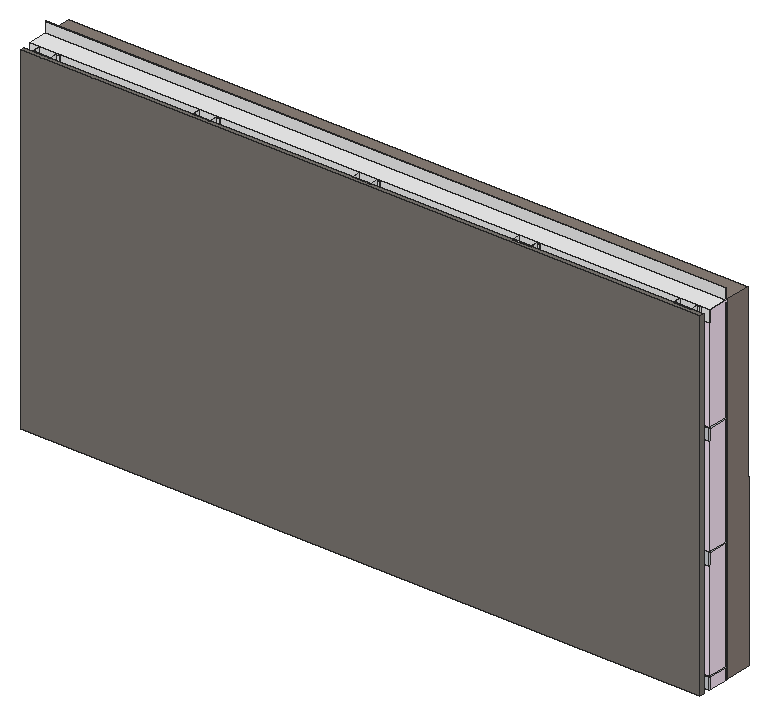
Revit family "Acrytec Panel - Natural", category Generic Models, Revit 2016
Family settings
  Part Type = Normal
  Can host rebar = No
  Round Connector Dimension = Use Diameter
  Work Plane-Based = No
  Always vertical = Yes
  Cut with Voids When Loaded = No
  Shared = No
  Room Calculation Point = No
Parameters
  panelHeight [instance] = 1220 mm
  Uninsulated Panel Type = not(Insulated Panel Type)  # no
  Insulated Panel Type = yes
  Vertical Girt Spacing [instance] = if(and(PanelWidth > 1799 mm, PanelWidth < 2301 mm), 1, (PanelWidth / 2) / 575 mm) + 1  # 3
  Taupe = no
  Snow White = no
  Smoke House = yes
  Light Grey = no
  Gauntlet Gray = no
  Dover White = no
  PanelWidth [instance] = 2440 mm
  PanelZGirt [instance] = 75 mm
  PanelThickness [instance] = PanelFinish + PanelZGirt + PanelHatSection  # 115.422 mm
  PanelHatSection [instance] = 25.383 mm
  PanelFinish [instance] = 15.04 mm
  Panel-A-CL-Offset = 382.729 mm
  City Scape = no
  Antique White = no
  Horizontal Girt Spacing [instance] = panelHeight / 400 mm  # 3
  Horizontal Girt Length [instance] = PanelWidth  # 2440 mm
Reference planes
  plane 1 "Center (Front/Back)": y = 0
  plane 2: z = 0
  plane 3 "Center (Left/Right)": x = 0
  plane 4: y = -75
  plane 5: y = -115.422
  plane 6: z = 1220
  plane 7: y = -100.383
  plane 8: x = -1220
  plane 9: x = 1220
Forms (mm)
  Extrusion 1, solid, material "2016-31-moisture Membrane", visible <- "Insulated Panel Type"
    sketch origin (0, 0, 0) x (1, 0, 0) y (0, 0, 1)
      loop
        line (-1220, 0) -> (1220, 0) -> (1220, 1220) -> (-1220, 1220) -> (-1220, 0)
    from -1 to 0
  Extrusion 2, solid, material "2016-31-Standard Brick", visible <- "Insulated Panel Type"
    sketch origin (0, 0, 0) x (1, 0, 0) y (0, 0, 1)
      loop
        line (-1220, 0) -> (1220, 0) -> (1220, 1220) -> (-1220, 1220) -> (-1220, 0)
    from -100 to -1
  Extrusion 3, solid, material "00- Natural_Antique White", visible <- "Antique White"
    sketch origin (0, 0, 0) x (1, 0, 0) y (0, 0, 1)
      loop
        line (1220, 0) -> (1220, 1220) -> (-1220, 1220) -> (-1220, 0) -> (1220, 0)
    from 100.383 to 115.422
  Extrusion 4, solid, material "00 - Natural_City Scape", visible <- "City Scape"
    sketch origin (0, 0, 0) x (1, 0, 0) y (0, 0, 1)
      loop
        line (1220, 0) -> (1220, 1220) -> (-1220, 1220) -> (-1220, 0) -> (1220, 0)
    from 100.383 to 115.422
  Extrusion 5, solid, material "00 - Natural_Dover White", visible <- "Dover White"
    sketch origin (0, 0, 0) x (1, 0, 0) y (0, 0, 1)
      loop
        line (1220, 0) -> (1220, 1220) -> (-1220, 1220) -> (-1220, 0) -> (1220, 0)
    from 100.383 to 115.422
  Extrusion 6, solid, material "00 - Natural_Gauntlet Gray", visible <- "Gauntlet Gray"
    sketch origin (0, 0, 0) x (1, 0, 0) y (0, 0, 1)
      loop
        line (1220, 0) -> (1220, 1220) -> (-1220, 1220) -> (-1220, 0) -> (1220, 0)
    from 100.383 to 115.422
  Extrusion 7, solid, material "00 - Natural_Light Grey", not visible
    sketch origin (0, 0, 0) x (1, 0, 0) y (0, 0, 1)
      loop
        line (1220, 0) -> (1220, 1220) -> (-1220, 1220) -> (-1220, 0) -> (1220, 0)
    from 100.383 to 115.422
  Extrusion 8, solid, material "00 - Natural_Smoke House", visible <- "Smoke House"
    sketch origin (0, 0, 0) x (1, 0, 0) y (0, 0, 1)
      loop
        line (1220, 0) -> (1220, 1220) -> (-1220, 1220) -> (-1220, 0) -> (1220, 0)
    from 100.383 to 115.422
  Extrusion 9, solid, material "00 - Natural_Snow White", visible <- "Snow White"
    sketch origin (0, 0, 0) x (1, 0, 0) y (0, 0, 1)
      loop
        line (1220, 0) -> (1220, 1220) -> (-1220, 1220) -> (-1220, 0) -> (1220, 0)
    from 100.383 to 115.422
  Extrusion 10, solid, material "00 - Natural_Taupe", visible <- "Taupe"
    sketch origin (0, 0, 0) x (1, 0, 0) y (0, 0, 1)
      loop
        line (1220, 0) -> (1220, 1220) -> (-1220, 1220) -> (-1220, 0) -> (1220, 0)
    from 100.383 to 115.422
  Extrusion 11, solid, material "2016-31-Galvanized-Aluminum 2014-T4", not visible
    sketch origin (0, 0, 0) x (1, 0, 0) y (0, 1, 0)
      loop
        line (-609.6, -75) -> (-609.6, -100.383) -> (-544.314, -100.383) -> (-544.314, -76) -> (-532.497, -76) -> (-532.497, -75) -> (-545.314, -75) -> (-545.314, -99.383) -> (-608.6, -99.383) -> (-608.6, -75) -> (-609.6, -75)
    from 0 to 2438.4
  Extrusion 12, solid, material "2016-31-Galvanized-Aluminum 2014-T4"
    sketch origin (571.049, 0, 0) x (1, 0, 0) y (0, 1, 0)
      loop
        line (-609.6, -75) -> (-609.6, -100.383) -> (-544.314, -100.383) -> (-544.314, -76) -> (-532.497, -76) -> (-532.497, -75) -> (-545.314, -75) -> (-545.314, -99.383) -> (-608.6, -99.383) -> (-608.6, -75) -> (-609.6, -75)
    from 0 to 1220 <- "panelHeight"
  Extrusion 13, solid, material "2016-31-Galvanized-Aluminum 2014-T4"
    sketch origin (1146.049, 0, 0) x (1, 0, 0) y (0, 1, 0)
      loop
        line (-609.6, -75) -> (-609.6, -100.383) -> (-544.314, -100.383) -> (-544.314, -76) -> (-532.497, -76) -> (-532.497, -75) -> (-545.314, -75) -> (-545.314, -99.383) -> (-608.6, -99.383) -> (-608.6, -75) -> (-609.6, -75)
    from 0 to 1220 <- "panelHeight"
  Extrusion 14, solid, material "2016-31-Galvanized-Aluminum 2014-T4"
    sketch origin (-3.951, 0, 0) x (1, 0, 0) y (0, 1, 0)
      loop
        line (-609.6, -75) -> (-609.6, -100.383) -> (-544.314, -100.383) -> (-544.314, -76) -> (-532.497, -76) -> (-532.497, -75) -> (-545.314, -75) -> (-545.314, -99.383) -> (-608.6, -99.383) -> (-608.6, -75) -> (-609.6, -75)
    from 0 to 1220 <- "panelHeight"
  Extrusion 15, solid, material "2016-31-Rigid Insulation", visible <- "Insulated Panel Type"
    sketch origin (47.064, -614.101, 42.626) x (0, 1, 0) y (-1, 0, 0)
      loop
        line (616.26, 1267.064) -> (542.259, 1267.064) -> (542.259, -1172.936) -> (616.26, -1172.936) -> (616.26, 1267.064)
    from -42.626 to 1177.374
  Extrusion 16, solid, material "2016-31-Galvanized-Aluminum 2014-T4", visible <- "Insulated Panel Type"
    sketch origin (-2162.5, 0, 785) x (0, 1, 0) y (0, 0, 1)
      loop
        line (0, 475) -> (-2.875, 475) -> (-2.875, 437.626) -> (-74.375, 437.626) -> (-74.375, 395) -> (-71.842, 395) -> (-71.842, 435) -> (0, 435) -> (0, 475)
    from 3382.5 to 942.5
  Extrusion 17, solid, material "2016-31-Galvanized-Aluminum 2014-T4", visible <- "Uninsulated Panel Type"
    sketch origin (0, 0, 20) x (0, 1, 0) y (0, 0, 1)
      loop
        line (-99.383, 1180) -> (-96.849, 1180) -> (-96.849, 1200) -> (-74.375, 1200) -> (-74.375, 1222.626) -> (-76.975, 1222.626) -> (-76.975, 1202.626) -> (-99.383, 1202.626) -> (-99.383, 1180)
    from -1220 to 1220
  Extrusion 18, solid, material "2016-31-moisture Membrane", visible <- "Uninsulated Panel Type"
    sketch origin (0, -74.375, 0) x (1, 0, 0) y (0, 0, 1)
      loop
        line (-1220, 0) -> (1220, 0) -> (1220, 1220) -> (-1220, 1220) -> (-1220, 0)
    from -1 to 0
  Extrusion 19, solid, material "2016-31-Standard Brick", visible <- "Uninsulated Panel Type"
    sketch origin (0, -74.375, 0) x (1, 0, 0) y (0, 0, 1)
      loop
        line (-1220, 0) -> (1220, 0) -> (1220, 1220) -> (-1220, 1220) -> (-1220, 0)
    from -100 to -1
  Extrusion 20, solid, material "2016-31-Galvanized-Aluminum 2014-T4"
    sketch origin (1721.049, 0, 0) x (1, 0, 0) y (0, 1, 0)
      loop
        line (-609.6, -75) -> (-609.6, -100.383) -> (-544.314, -100.383) -> (-544.314, -76) -> (-532.497, -76) -> (-532.497, -75) -> (-545.314, -75) -> (-545.314, -99.383) -> (-608.6, -99.383) -> (-608.6, -75) -> (-609.6, -75)
    from 0 to 1220 <- "panelHeight"
  Extrusion 21, solid, material "2016-31-Galvanized-Aluminum 2014-T4"
    sketch origin (-578.951, 0, 0) x (1, 0, 0) y (0, 1, 0)
      loop
        line (-609.6, -75) -> (-609.6, -100.383) -> (-544.314, -100.383) -> (-544.314, -76) -> (-532.497, -76) -> (-532.497, -75) -> (-545.314, -75) -> (-545.314, -99.383) -> (-608.6, -99.383) -> (-608.6, -75) -> (-609.6, -75)
    from 0 to 1220 <- "panelHeight"
Dimensions and locks
  "panelHeight": plane 6 to level
  "PanelZGirt": plane 4 to plane 1 "Center (Front/Back)"
  "PanelThickness": plane 5 to plane 1 "Center (Front/Back)"
  "PanelWidth": Extrusion 1 sketch curve to Extrusion 1 sketch curve
  Extrusion 1 sketch curve to Extrusion 1 sketch curve = 1220 mm
  Extrusion 1 sketch curve to Extrusion 1 sketch curve = 2440 mm
  "PanelWidth": Extrusion 2 sketch curve to Extrusion 2 sketch curve
  Extrusion 2 sketch curve to Extrusion 2 sketch curve = 1220 mm
  Extrusion 2 sketch curve to Extrusion 2 sketch curve = 2440 mm
  equal spacing: Extrusion 3 sketch curve, plane 3 "Center (Left/Right)", Extrusion 3 sketch curve
  "panelHeight": Extrusion 3 sketch curve to Extrusion 3 sketch curve
  "PanelWidth": Extrusion 3 sketch curve to Extrusion 3 sketch curve
  equal spacing: Extrusion 4 sketch curve, plane 3 "Center (Left/Right)", Extrusion 4 sketch curve
  "panelHeight": Extrusion 4 sketch curve to Extrusion 4 sketch curve
  "PanelWidth": Extrusion 4 sketch curve to Extrusion 4 sketch curve
  equal spacing: Extrusion 5 sketch curve, plane 3 "Center (Left/Right)", Extrusion 5 sketch curve
  "panelHeight": Extrusion 5 sketch curve to Extrusion 5 sketch curve
  "PanelWidth": Extrusion 5 sketch curve to Extrusion 5 sketch curve
  equal spacing: Extrusion 6 sketch curve, plane 3 "Center (Left/Right)", Extrusion 6 sketch curve
  "panelHeight": Extrusion 6 sketch curve to Extrusion 6 sketch curve
  "PanelWidth": Extrusion 6 sketch curve to Extrusion 6 sketch curve
  equal spacing: Extrusion 7 sketch curve, plane 3 "Center (Left/Right)", Extrusion 7 sketch curve
  "panelHeight": Extrusion 7 sketch curve to Extrusion 7 sketch curve
  "PanelWidth": Extrusion 7 sketch curve to Extrusion 7 sketch curve
  equal spacing: Extrusion 8 sketch curve, plane 3 "Center (Left/Right)", Extrusion 8 sketch curve
  "panelHeight": Extrusion 8 sketch curve to Extrusion 8 sketch curve
  "PanelWidth": Extrusion 8 sketch curve to Extrusion 8 sketch curve
  equal spacing: Extrusion 9 sketch curve, plane 3 "Center (Left/Right)", Extrusion 9 sketch curve
  "panelHeight": Extrusion 9 sketch curve to Extrusion 9 sketch curve
  "PanelWidth": Extrusion 9 sketch curve to Extrusion 9 sketch curve
  equal spacing: Extrusion 10 sketch curve, plane 3 "Center (Left/Right)", Extrusion 10 sketch curve
  "panelHeight": Extrusion 10 sketch curve to Extrusion 10 sketch curve
  "PanelWidth": Extrusion 10 sketch curve to Extrusion 10 sketch curve
  equal spacing: plane 9, plane 3 "Center (Left/Right)", plane 8
  "PanelWidth": plane 9 to plane 8
  equal spacing: group 2, group 3, group 8  (x3)
  equal spacing: group 9, group 4, group 2
  equal spacing: group 2, group 4, group 9  (x2)
  equal spacing: group 5, group 6, group 7  (x3)
  Extrusion 1 to Extrusion 15 = 1220 mm
  "PanelWidth": Extrusion 18 sketch curve to Extrusion 18 sketch curve
  Extrusion 18 sketch curve to Extrusion 18 sketch curve = 1220 mm
  Extrusion 18 sketch curve to Extrusion 18 sketch curve = 2440 mm
  "PanelWidth": Extrusion 19 sketch curve to Extrusion 19 sketch curve
  Extrusion 19 sketch curve to Extrusion 19 sketch curve = 1220 mm
  Extrusion 19 sketch curve to Extrusion 19 sketch curve = 2440 mm
  aligned and locked: Extrusion 2 to Extrusion 1
  aligned and locked: Extrusion 2 to plane 2
  aligned and locked: Extrusion 1 to plane 2
  aligned and locked: plane 2 to level
  aligned and locked: plane 6 to Extrusion 2
  aligned and locked: plane 6 to Extrusion 1
  aligned and locked: plane 3 "Center (Left/Right)" to nested 1
  aligned and locked: nested 1 to plane 1 "Center (Front/Back)"
  aligned and locked: Extrusion 15 to level
  aligned and locked: Extrusion 19 to Extrusion 18
  aligned and locked: Extrusion 19 to level
  aligned and locked: Extrusion 18 to level
  aligned and locked: Extrusion 17 to plane 8
  aligned and locked: Extrusion 16 to plane 8
  aligned and locked: plane 9 to Extrusion 16
  aligned and locked: plane 9 to Extrusion 17
  aligned and locked: plane 6 to Extrusion 15
  aligned and locked: plane 6 to Extrusion 19
  aligned and locked: Extrusion 15 to Extrusion 1
Automatic sketch dimensions
  Extrusion 11 sketch curve to Extrusion 11 sketch curve = 1 mm  (x4)
  Extrusion 11 sketch curve to Extrusion 11 sketch curve = 63.286 mm
  Extrusion 11 sketch curve to Extrusion 11 sketch curve = 11.817 mm
  Extrusion 11 sketch curve to Extrusion 11 sketch curve = 23.383 mm
  Extrusion 11 sketch curve to Extrusion 11 sketch curve = 24.383 mm
  Extrusion 12 sketch curve to Extrusion 12 sketch curve = 1 mm  (x4)
  Extrusion 12 sketch curve to Extrusion 12 sketch curve = 63.286 mm
  Extrusion 12 sketch curve to Extrusion 12 sketch curve = 11.817 mm
  Extrusion 12 sketch curve to Extrusion 12 sketch curve = 23.383 mm
  Extrusion 12 sketch curve to Extrusion 12 sketch curve = 24.383 mm
  Extrusion 13 sketch curve to Extrusion 13 sketch curve = 1 mm  (x4)
  Extrusion 13 sketch curve to Extrusion 13 sketch curve = 63.286 mm
  Extrusion 13 sketch curve to Extrusion 13 sketch curve = 11.817 mm
  Extrusion 13 sketch curve to Extrusion 13 sketch curve = 23.383 mm
  Extrusion 13 sketch curve to Extrusion 13 sketch curve = 24.383 mm
  Extrusion 14 sketch curve to Extrusion 14 sketch curve = 1 mm  (x4)
  Extrusion 14 sketch curve to Extrusion 14 sketch curve = 63.286 mm
  Extrusion 14 sketch curve to Extrusion 14 sketch curve = 11.817 mm
  Extrusion 14 sketch curve to Extrusion 14 sketch curve = 23.383 mm
  Extrusion 14 sketch curve to Extrusion 14 sketch curve = 24.383 mm
  Extrusion 15 sketch curve to plane 9 = 0 mm
  Extrusion 15 sketch curve to plane 8 = 0 mm
  plane 4 to Extrusion 15 sketch curve = 3.159 mm
  Extrusion 15 sketch curve to plane 1 "Center (Front/Back)" = 2.159 mm
  Extrusion 16 sketch curve to plane 6 = 0 mm
  Extrusion 16 sketch curve to plane 1 "Center (Front/Back)" = 0 mm
  plane 1 "Center (Front/Back)" to Extrusion 16 sketch curve = 2.875 mm
  plane 4 to Extrusion 16 sketch curve = 3.158 mm
  plane 4 to Extrusion 16 sketch curve = 0.625 mm
  Extrusion 16 sketch curve to Extrusion 16 sketch curve = 40 mm
  plane 6 to Extrusion 16 sketch curve = 2.626 mm
  Extrusion 16 sketch curve to Extrusion 16 sketch curve = 37.374 mm
  Extrusion 17 sketch curve to plane 6 = 0 mm
  plane 7 to Extrusion 17 sketch curve = 1 mm
  Extrusion 17 sketch curve to Extrusion 17 sketch curve = 2.534 mm
  Extrusion 17 sketch curve to plane 4 = 1.975 mm
  plane 4 to Extrusion 17 sketch curve = 0.625 mm
  Extrusion 17 sketch curve to plane 6 = 20 mm
  plane 6 to Extrusion 17 sketch curve = 2.626 mm
  Extrusion 17 sketch curve to Extrusion 17 sketch curve = 20 mm
  Extrusion 20 sketch curve to Extrusion 20 sketch curve = 1 mm  (x4)
  Extrusion 20 sketch curve to Extrusion 20 sketch curve = 63.286 mm
  Extrusion 20 sketch curve to Extrusion 20 sketch curve = 11.817 mm
  Extrusion 20 sketch curve to Extrusion 20 sketch curve = 23.383 mm
  Extrusion 20 sketch curve to Extrusion 20 sketch curve = 24.383 mm
  Extrusion 21 sketch curve to Extrusion 21 sketch curve = 1 mm  (x4)
  Extrusion 21 sketch curve to Extrusion 21 sketch curve = 63.286 mm
  Extrusion 21 sketch curve to Extrusion 21 sketch curve = 11.817 mm
  Extrusion 21 sketch curve to Extrusion 21 sketch curve = 23.383 mm
  Extrusion 21 sketch curve to Extrusion 21 sketch curve = 24.383 mm
  Extrusion 1 sketch curve to plane 6 = 0 mm
  Extrusion 1 sketch curve to plane 8 = 0 mm
  Extrusion 2 sketch curve to plane 6 = 0 mm
  Extrusion 2 sketch curve to plane 8 = 0 mm
  Extrusion 3 sketch curve to level = 0 mm
  Extrusion 4 sketch curve to level = 0 mm
  Extrusion 5 sketch curve to level = 0 mm
  Extrusion 6 sketch curve to level = 0 mm
  Extrusion 7 sketch curve to level = 0 mm
  Extrusion 8 sketch curve to level = 0 mm
  Extrusion 9 sketch curve to level = 0 mm
  Extrusion 10 sketch curve to level = 0 mm
  Extrusion 18 sketch curve to plane 6 = 0 mm
  Extrusion 18 sketch curve to plane 8 = 0 mm
  Extrusion 19 sketch curve to plane 6 = 0 mm
  Extrusion 19 sketch curve to plane 8 = 0 mm
Nested families
  nested 1: "Horizontal Girt Nested Array" at (0, -37.5, 0), Girt Length <- "PanelWidth", visible <- "Insulated Panel Type", type "Horizontal Girt Nested Array"
    with Girt Length 2440 mm
  nested 2: "Horizontal Girt Nested Array" at (0, -37.5, 400), Girt Length <- "PanelWidth", visible <- "Insulated Panel Type", type "Horizontal Girt Nested Array"
    with Girt Length 2440 mm
  nested 3: "Horizontal Girt Nested Array" at (0, -37.5, 800), Girt Length <- "PanelWidth", visible <- "Insulated Panel Type", type "Horizontal Girt Nested Array"
    with Girt Length 2440 mm
Definition of nested family "Horizontal Girt Nested Array"
  Parameters (values of type "Horizontal Girt Nested Array")
    Girt Length [instance] = 500 mm
  Reference planes
    plane 1 "Center (Front/Back)": y = 0
    plane 2: z = 0
    plane 3 "Center (Left/Right)": x = 0
    plane 4: x = -250
    plane 5: x = 250
    plane 6: z = 3500
  Dimensions and locks
    equal spacing: plane 4, plane 3 "Center (Left/Right)", plane 5
    plane 6 to level = 3500 mm
    "Girt Length": plane 4 to plane 5
    plane 4 to plane 5 = 500 mm
    aligned and locked: level to plane 2
    aligned and locked: plane 4 to nested 1
    aligned and locked: plane 5 to nested 1
  Nested families
    nested 1: "Horizontal Girt" at (0, 0, 0), type "Horizontal Girt"
      with Girt Length 500 mm
  Definition of nested family "Horizontal Girt"
    Parameters (values of type "Horizontal Girt")
      Girt Length [instance] = 4000 mm
    Reference planes
      plane 1 "Center (Front/Back)": y = 0
      plane 2: z = 0
      plane 3 "Center (Left/Right)": x = 0
      plane 4: x = -2000
      plane 5: x = 2000
    Forms (mm)
      Extrusion 1, solid
        sketch origin (0, 0, 0) x (0, 1, 0) y (0, 0, 1)
          loop
            line (-37.5, 43) -> (-37.5, 0) -> (-34.5, 0) -> (-34.5, 40) -> (37.5, 40) -> (37.5, 80) -> (34.5, 80) -> (34.5, 43) -> (-37.5, 43)
        from -2000 to 2000
    Dimensions and locks
      equal spacing: plane 4, plane 3 "Center (Left/Right)", plane 5
      "Girt Length": plane 4 to plane 5
      aligned and locked: level to plane 2
      aligned and locked: Extrusion 1 to plane 4
      aligned and locked: plane 5 to Extrusion 1
    Automatic sketch dimensions
      Extrusion 1 sketch curve to Extrusion 1 sketch curve = 3 mm  (x3)
      Extrusion 1 sketch curve to level = 0 mm
      Extrusion 1 sketch curve to Extrusion 1 sketch curve = 37 mm
      plane 1 "Center (Front/Back)" to Extrusion 1 sketch curve = 37.5 mm
      Extrusion 1 sketch curve to plane 1 "Center (Front/Back)" = 34.5 mm
      level to Extrusion 1 sketch curve = 40 mm
